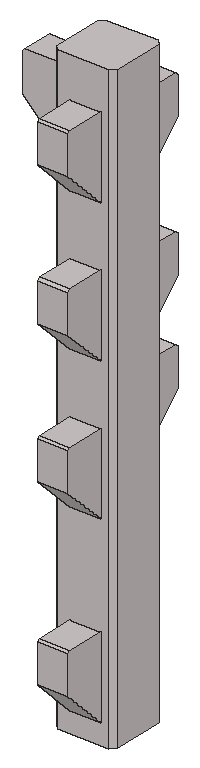
Revit family "rstadvancedsamplefamily", category Structural Columns, Revit 2025
Family settings
  Display in Hidden Views = Edges Hidden by Other Members
  Section Shape = Not Defined
  Material for Model Behavior = Precast Concrete
  Always export as geometry = No
  Beam cutback in plan = From bounding box
  OmniClass Number = 23.25.30.11.14.11
  OmniClass Title = Columns
  Seek Item ID = Precast-Rectangular Column with Multi Layer Corbels-0000-CAN-ENU
  Cut with Voids When Loaded = No
  Symbolic Representation = From Family
  Shared = No
  Show family pre-cut in plan views = No
Parameters (values of type "300x300-4 Levels")
  West Corbels Number 1 = if(West Corbels Number > 4, 4, West Corbels Number)  # 1
  Tie Rod Weight [instance] = 30
  Tie Rod W [instance] = (Tie Rod Weight) * 9.80 kN / 1000  # 0.294 kN
  Structural Material [instance] = Concrete - Precast Concrete - 35 MPa
  South Corbels Number 1 = if(South Corbels Number > 4, 4, South Corbels Number)  # 4
  South Corbels Number = 4
  South Corbel Type = Sloped Corbel : Sloped Corbel
  Single Rebar Weight [instance] = 50
  Single Rebar W [instance] = (Single Rebar Weight * 9.80 kN) / 1000  # 0.49 kN
  Rebar Grids Weight [instance] = 100
  Rebar Grids W [instance] = (Rebar Grids Weight * 9.80 kN) / 1000  # 0.98 kN
  North Corbels Number 1 = if(North Corbels Number > 4, 4, North Corbels Number)  # 3
  North Corbels Number = 3
  North Corbel Type = Sloped Corbel : Sloped Corbel
  East Corbels Number 1 = if(East Corbels Number > 4, 4, East Corbels Number)  # 0
  East Corbels Number = 0
  East Corbel Type = Sloped Corbel : Sloped Corbel
  Corbel Width = ""
  Corbel Width West = 150 mm
  Corbel Width South = 150 mm
  Corbel Width North = 150 mm
  Corbel Width East = 150 mm
  Corbel West 4 = and(West Corbels Number 1 = 4, not(West Corbels Number 1 = 0))  # no
  Corbel West 3 = and(or((West Corbels Number 1 = 3), (West Corbels Number 1 > 3)), not(West Corbels Number 1 = 0))  # no
  Corbel West 2 = and(or((West Corbels Number 1 = 2), (West Corbels Number 1 > 2)), not(West Corbels Number 1 = 0))  # no
  Corbel West 1 = and(or((West Corbels Number 1 = 1), (West Corbels Number 1 > 1)), not(West Corbels Number 1 = 0))  # yes
  West Corbels Number = 1
  West Corbel Type = Sloped Corbel : Sloped Corbel
  Corbel South 4 = and(South Corbels Number 1 = 4, not(South Corbels Number 1 = 0))  # yes
  Corbel South 3 = and(or((South Corbels Number 1 = 3), (South Corbels Number 1 > 3)), not(South Corbels Number 1 = 0))  # yes
  Corbel South 2 = and(or((South Corbels Number 1 = 2), (South Corbels Number 1 > 2)), not(South Corbels Number 1 = 0))  # yes
  Corbel South 1 = and(or((South Corbels Number 1 = 1), (South Corbels Number 1 > 1)), not(South Corbels Number 1 = 0))  # yes
  Corbel North 4 = and(North Corbels Number 1 = 4, not(North Corbels Number 1 = 0))  # no
  Corbel North 3 = and(or((North Corbels Number 1 = 3), (North Corbels Number 1 > 3)), not(North Corbels Number 1 = 0))  # yes
  Corbel North 2 = and(or((North Corbels Number 1 = 2), (North Corbels Number 1 > 2)), not(North Corbels Number 1 = 0))  # yes
  Corbel North 1 = and(or((North Corbels Number 1 = 1), (North Corbels Number 1 > 1)), not(North Corbels Number 1 = 0))  # yes
  Corbel Height = ""
  Corbel Height West = 400 mm
  Corbel Height South = 400 mm
  Corbel Height North = 400 mm
  Corbel Height East = 400 mm
  Corbel East 4 = and(East Corbels Number 1 = 4, not(East Corbels Number 1 = 0))  # no
  Corbel East 3 = and(or((East Corbels Number 1 = 3), (East Corbels Number 1 > 3)), not(East Corbels Number 1 = 0))  # no
  Corbel East 2 = and(or((East Corbels Number 1 = 2), (East Corbels Number 1 > 2)), not(East Corbels Number 1 = 0))  # no
  Corbel East 1 = and(or((East Corbels Number 1 = 1), (East Corbels Number 1 > 1)), not(East Corbels Number 1 = 0))  # no
  Corbel Distance from Top Level [instance] = ""
  Corbel Distance West 1 [instance] = 100 mm
  Corbel Distance West 2 [instance] = 700 mm
  Corbel Distance West 3 [instance] = 1300 mm
  Corbel Distance West 4 [instance] = 2100 mm
  Corbel Distance East 1 [instance] = 350 mm
  Corbel Distance East 2 [instance] = 950 mm
  Corbel Distance East 3 [instance] = 1750 mm
  Corbel Distance East 4 [instance] = 2450 mm
  Corbel Distance South 1 [instance] = 200 mm
  Corbel Distance South 2 [instance] = 900 mm
  Corbel Distance South 3 [instance] = 1600 mm
  Corbel Distance South 4 [instance] = 2500 mm
  Corbel Distance North 1 [instance] = 250 mm
  Corbel Distance North 2 [instance] = 950 mm
  Corbel Distance North 3 [instance] = 1450 mm
  Corbel Distance North 4 [instance] = 2350 mm
  Corbel Depth = ""
  Corbel Depth West = 200 mm
  Corbel Depth South = 200 mm
  Corbel Depth North = 200 mm
  Corbel Depth East = 200 mm
  Corbel Horizontal Offset [instance] = ""
  Corbel Offset West [instance] = 60 mm
  Corbel Offset South [instance] = 60 mm
  Corbel Offset North [instance] = 60 mm
  Corbel Offset East [instance] = 60 mm
  Corbel Chamfer [instance] = 10 mm
  Assembly Code = "B10"
  Chamfer = 25 mm
  b = 300 mm
  h = 300 mm
Types (9, lengths in mm): name | West Corbels Number 1 | South Corbels Number 1 | South Corbels Number | South Corbel Type | North Corbels Number 1 | North Corbels Number | North Corbel Type | East Corbels Number 1 | East Corbels Number | East Corbel Type | Corbel West 4 | Corbel West 3 | Corbel West 2 | Corbel West 1 | West Corbels Number | West Corbel Type | Corbel South 4 | Corbel South 3 | Corbel South 2 | Corbel South 1 | Corbel North 3 | Corbel North 2 | Corbel East 2 | Corbel East 1 | Assembly Code | b | h
  (no name) | 1 | 4 | 4 | Sloped Corbel : Sloped Corbel | 3 | 3 | Sloped Corbel : Sloped Corbel | 0 | 0 | Sloped Corbel : Sloped Corbel | no | no | no | yes | 1 | Sloped Corbel : Sloped Corbel | yes | yes | yes | yes | yes | yes | no | no | "B10" | 300 | 300
  300x300-2 Levels | 0 | 2 | 2 | Rectangular Corbel : Rectangular Corbel | 1 | 1 | Sloped Corbel : Sloped Corbel | 2 | 2 | Rectangular Corbel : Rectangular Corbel | no | no | no | no | 0 | Rectangular Corbel : Rectangular Corbel | no | no | yes | yes | no | no | yes | yes | 0 | 300 | 300
  450x450-2 Levels | 2 | 0 | 0 | Rectangular Corbel : Rectangular Corbel | 2 | 2 | Rectangular Corbel : Rectangular Corbel | 0 | 0 | Sloped Corbel : Sloped Corbel | no | no | yes | yes | 2 | Sloped Corbel : Sloped Corbel | no | no | no | no | no | yes | no | no | "B10" | 450 | 450
  300x300-4 Levels | 1 | 4 | 4 | Sloped Corbel : Sloped Corbel | 3 | 3 | Sloped Corbel : Sloped Corbel | 0 | 0 | Sloped Corbel : Sloped Corbel | no | no | no | yes | 1 | Sloped Corbel : Sloped Corbel | yes | yes | yes | yes | yes | yes | no | no | "B10" | 300 | 300
  300x300-3 Levels | 3 | 0 | 0 | Rectangular Corbel : Rectangular Corbel | 2 | 2 | Sloped Corbel : Sloped Corbel | 0 | 0 | Sloped Corbel : Sloped Corbel | no | yes | yes | yes | 3 | Rectangular Corbel : Rectangular Corbel | no | no | no | no | no | yes | no | no | "B10" | 300 | 300
  450x450-4 Levels | 4 | 0 | 0 | Rectangular Corbel : Rectangular Corbel | 1 | 1 | Rectangular Corbel : Rectangular Corbel | 2 | 2 | Sloped Corbel : Sloped Corbel | yes | yes | yes | yes | 4 | Sloped Corbel : Sloped Corbel | no | no | no | no | no | no | yes | yes | "B10" | 450 | 450
  450x450-3 Levels | 0 | 3 | 3 | Rectangular Corbel : Rectangular Corbel | 1 | 1 | Sloped Corbel : Sloped Corbel | 2 | 2 | Sloped Corbel : Sloped Corbel | no | no | no | no | 0 | Rectangular Corbel : Rectangular Corbel | no | yes | yes | yes | no | no | yes | yes | "B10" | 450 | 450
  300x300-1 Level | 0 | 1 | 1 | Sloped Corbel : Sloped Corbel | 1 | 1 | Sloped Corbel : Sloped Corbel | 1 | 1 | Sloped Corbel : Sloped Corbel | no | no | no | no | 0 | Rectangular Corbel : Rectangular Corbel | no | no | no | yes | no | no | no | yes | "B10" | 300 | 300
  450x450-1 Level | 1 | 0 | 0 | Rectangular Corbel : Rectangular Corbel | 1 | 1 | Rectangular Corbel : Rectangular Corbel | 1 | 1 | Sloped Corbel : Sloped Corbel | no | no | no | yes | 1 | Sloped Corbel : Sloped Corbel | no | no | no | no | no | no | no | yes | "B10" | 450 | 450
Reference planes
  plane 1 "Center (Front/Back)": y = 0
  plane 2: z = 0
  plane 3 "Center (Left/Right)": x = 0
  plane 4: x = -150
  plane 5: x = 150
  plane 6: y = 150
  plane 7: y = -150
  plane 8: x = -125
  plane 9: y = -125
  plane 10: x = 125
  plane 11: y = 125
  plane 12 "fill ref  west": z = 2900
  plane 13 "fill ref  north": z = 2750
  plane 14 "fill ref  south": z = 2800
  plane 15 "fill ref  east": z = 2650
  plane 16 "West 1": z = 2300
  plane 17 "East 1": z = 2050
  plane 18 "South 1": z = 2100
  plane 19 "North 1": z = 2050
  plane 20 "West 2": z = 1700
  plane 21 "East 2": z = 1250
  plane 22 "South 2": z = 1400
  plane 23 "North 2": z = 1550
  plane 24 "West 3": z = 900
  plane 25 "East 3": z = 550
  plane 26 "South 3": z = 500
  plane 27 "North 3": z = 650
  plane 28: y = 65
  plane 29: x = 65
  plane 30: y = -65
  plane 31: x = -65
  plane 32: x = -125
  plane 33: y = -125
  plane 34: x = 125
  plane 35: y = 125
Forms (mm)
  Extrusion 1, solid, material "Concrete - Precast Concrete - 35 MPa" <- "Structural Material"
    sketch origin (0, 0, 0) x (1, 0, 0) y (0, 1, 0)
      loop
        line (-125, 150) -> (-150, 125) -> (-150, -125) -> (-125, -150) -> (125, -150) -> (150, -125) -> (150, 125) -> (125, 150) -> (-125, 150)
    from 0 to 3000
Dimensions and locks
  equal spacing: plane 4, plane 3 "Center (Left/Right)", plane 5
  equal spacing: plane 7, plane 1 "Center (Front/Back)", plane 6
  "h": plane 7 to plane 6
  "b": plane 4 to plane 5
  "Chamfer": plane 4 to plane 8
  "Chamfer": plane 10 to plane 5
  "Chamfer": plane 11 to plane 6
  "Chamfer": plane 7 to plane 9
  "Corbel Offset West": plane 11 to plane 28
  "Corbel Offset South": plane 8 to plane 31
  "Corbel Offset East": plane 30 to plane 9
  "Corbel Offset North": plane 29 to plane 10
  "Corbel Distance West 1": level to plane 12 "fill ref  west"
  "Corbel Distance West 2": level to plane 16 "West 1"
  "Corbel Distance West 3": level to plane 20 "West 2"
  "Corbel Distance West 4": level to plane 24 "West 3"
  "Corbel Distance East 1": level to plane 15 "fill ref  east"
  "Corbel Distance East 2": level to plane 17 "East 1"
  "Corbel Distance East 3": level to plane 21 "East 2"
  "Corbel Distance East 4": level to plane 25 "East 3"
  "Corbel Distance South 1": level to plane 14 "fill ref  south"
  "Corbel Distance South 2": level to plane 18 "South 1"
  "Corbel Distance South 3": level to plane 22 "South 2"
  "Corbel Distance South 4": level to plane 26 "South 3"
  "Corbel Distance North 1": level to plane 13 "fill ref  north"
  "Corbel Distance North 2": level to plane 19 "North 1"
  "Corbel Distance North 3": level to plane 23 "North 2"
  "Corbel Distance North 4": level to plane 27 "North 3"
  aligned and locked: plane 6 to Extrusion 1 sketch curve
  aligned and locked: Extrusion 1 sketch curve to plane 7
  aligned and locked: Extrusion 1 sketch curve to plane 4
  aligned and locked: plane 5 to Extrusion 1 sketch curve
  aligned and locked: level to Extrusion 1
  aligned and locked: level to plane 2
  aligned and locked: Extrusion 1 to plane 2
  aligned and locked: nested 1 to plane 15 "fill ref  east"
  aligned and locked: nested 4 to plane 12 "fill ref  west"
  aligned and locked: nested 2 to plane 13 "fill ref  north"
  aligned and locked: nested 3 to plane 14 "fill ref  south"
  aligned and locked: nested 5 to plane 17 "East 1"
  aligned and locked: nested 6 to plane 21 "East 2"
  aligned and locked: nested 7 to plane 25 "East 3"
  aligned and locked: nested 8 to plane 16 "West 1"
  aligned and locked: nested 9 to plane 20 "West 2"
  aligned and locked: nested 10 to plane 24 "West 3"
  aligned and locked: nested 13 to plane 27 "North 3"
  aligned and locked: nested 12 to plane 23 "North 2"
  aligned and locked: nested 11 to plane 19 "North 1"
  aligned and locked: nested 16 to plane 26 "South 3"
  aligned and locked: nested 15 to plane 22 "South 2"
  aligned and locked: nested 14 to plane 18 "South 1"
  aligned and locked: plane 28 to nested 4
  aligned and locked: plane 28 to nested 8
  aligned and locked: plane 28 to nested 9
  aligned and locked: plane 28 to nested 10
  aligned and locked: plane 31 to nested 3
  aligned and locked: plane 31 to nested 14
  aligned and locked: plane 31 to nested 15
  aligned and locked: plane 31 to nested 16
  aligned and locked: plane 30 to nested 1
  aligned and locked: plane 30 to nested 5
  aligned and locked: plane 30 to nested 6
  aligned and locked: plane 30 to nested 7
  aligned and locked: nested 2 to plane 29
  aligned and locked: nested 11 to plane 29
  aligned and locked: nested 12 to plane 29
  aligned and locked: nested 13 to plane 29
  aligned and locked: plane 8 to plane 32
  aligned and locked: plane 33 to plane 9
  aligned and locked: plane 10 to plane 34
  aligned and locked: plane 35 to plane 11
Automatic sketch dimensions
  Extrusion 1 sketch curve to plane 8 = 0 mm  (x2)
  Extrusion 1 sketch curve to plane 10 = 0 mm  (x2)
  Extrusion 1 sketch curve to plane 9 = 0 mm  (x2)
  Extrusion 1 sketch curve to plane 11 = 0 mm  (x2)
Nested families
  nested 1: "Sloped Corbel" at (150, 10, 2650) x (0, 1, 0) z (1, 0, 0), Corbel Width <- "Corbel Width East", visible <- "Corbel East 1", type <- "East Corbel Type", Corbel Height <- "Corbel Height East", Corbel Depth <- "Corbel Depth East", type "Sloped Corbel"
    with TransChamfer 10 mm, Corbel Width 150 mm, Corbel Height 400 mm, Corbel Front 200 mm, Corbel Depth 200 mm
  nested 2: "Sloped Corbel" at (-10, 150, 2750) x (-1, 0, 0) z (0, 1, 0), Corbel Width <- "Corbel Width North", visible <- "Corbel North 1", type <- "North Corbel Type", Corbel Height <- "Corbel Height North", Corbel Depth <- "Corbel Depth North", type "Sloped Corbel"
    with TransChamfer 10 mm, Corbel Width 150 mm, Corbel Height 400 mm, Corbel Front 200 mm, Corbel Depth 200 mm
  nested 3: "Sloped Corbel" at (10, -150, 2800) x (1, 0, 0) z (0, -1, 0), Corbel Width <- "Corbel Width South", visible <- "Corbel South 1", type <- "South Corbel Type", Corbel Height <- "Corbel Height South", Corbel Depth <- "Corbel Depth South", type "Sloped Corbel"
    with TransChamfer 10 mm, Corbel Width 150 mm, Corbel Height 400 mm, Corbel Front 200 mm, Corbel Depth 200 mm
  nested 4: "Sloped Corbel" at (-150, -10, 2900) x (0, -1, 0) z (-1, 0, 0), Corbel Width <- "Corbel Width West", visible <- "Corbel West 1", type <- "West Corbel Type", Corbel Height <- "Corbel Height West", Corbel Depth <- "Corbel Depth West", type "Sloped Corbel"
    with TransChamfer 10 mm, Corbel Width 150 mm, Corbel Height 400 mm, Corbel Front 200 mm, Corbel Depth 200 mm
  nested 5: "Sloped Corbel" at (150, 10, 2050) x (0, 1, 0) z (1, 0, 0), Corbel Width <- "Corbel Width East", visible <- "Corbel East 2", type <- "East Corbel Type", Corbel Height <- "Corbel Height East", Corbel Depth <- "Corbel Depth East", type "Sloped Corbel"
    with TransChamfer 10 mm, Corbel Width 150 mm, Corbel Height 400 mm, Corbel Front 200 mm, Corbel Depth 200 mm
  nested 6: "Sloped Corbel" at (150, 10, 1250) x (0, 1, 0) z (1, 0, 0), Corbel Width <- "Corbel Width East", visible <- "Corbel East 3", type <- "East Corbel Type", Corbel Height <- "Corbel Height East", Corbel Depth <- "Corbel Depth East", type "Sloped Corbel"
    with TransChamfer 10 mm, Corbel Width 150 mm, Corbel Height 400 mm, Corbel Front 200 mm, Corbel Depth 200 mm
  nested 7: "Sloped Corbel" at (150, 10, 550) x (0, 1, 0) z (1, 0, 0), Corbel Width <- "Corbel Width East", visible <- "Corbel East 4", type <- "East Corbel Type", Corbel Height <- "Corbel Height East", Corbel Depth <- "Corbel Depth East", type "Sloped Corbel"
    with TransChamfer 10 mm, Corbel Width 150 mm, Corbel Height 400 mm, Corbel Front 200 mm, Corbel Depth 200 mm
  nested 8: "Sloped Corbel" at (-150, -10, 2300) x (0, -1, 0) z (-1, 0, 0), Corbel Width <- "Corbel Width West", visible <- "Corbel West 2", type <- "West Corbel Type", Corbel Height <- "Corbel Height West", Corbel Depth <- "Corbel Depth West", type "Sloped Corbel"
    with TransChamfer 10 mm, Corbel Width 150 mm, Corbel Height 400 mm, Corbel Front 200 mm, Corbel Depth 200 mm
  nested 9: "Sloped Corbel" at (-150, -10, 1700) x (0, -1, 0) z (-1, 0, 0), Corbel Width <- "Corbel Width West", visible <- "Corbel West 3", type <- "West Corbel Type", Corbel Height <- "Corbel Height West", Corbel Depth <- "Corbel Depth West", type "Sloped Corbel"
    with TransChamfer 10 mm, Corbel Width 150 mm, Corbel Height 400 mm, Corbel Front 200 mm, Corbel Depth 200 mm
  nested 10: "Sloped Corbel" at (-150, -10, 900) x (0, -1, 0) z (-1, 0, 0), Corbel Width <- "Corbel Width West", visible <- "Corbel West 4", type <- "West Corbel Type", Corbel Height <- "Corbel Height West", Corbel Depth <- "Corbel Depth West", type "Sloped Corbel"
    with TransChamfer 10 mm, Corbel Width 150 mm, Corbel Height 400 mm, Corbel Front 200 mm, Corbel Depth 200 mm
  nested 11: "Sloped Corbel" at (-10, 150, 2050) x (-1, 0, 0) z (0, 1, 0), Corbel Width <- "Corbel Width North", visible <- "Corbel North 2", type <- "North Corbel Type", Corbel Height <- "Corbel Height North", Corbel Depth <- "Corbel Depth North", type "Sloped Corbel"
    with TransChamfer 10 mm, Corbel Width 150 mm, Corbel Height 400 mm, Corbel Front 200 mm, Corbel Depth 200 mm
  nested 12: "Sloped Corbel" at (-10, 150, 1550) x (-1, 0, 0) z (0, 1, 0), Corbel Width <- "Corbel Width North", visible <- "Corbel North 3", type <- "North Corbel Type", Corbel Height <- "Corbel Height North", Corbel Depth <- "Corbel Depth North", type "Sloped Corbel"
    with TransChamfer 10 mm, Corbel Width 150 mm, Corbel Height 400 mm, Corbel Front 200 mm, Corbel Depth 200 mm
  nested 13: "Sloped Corbel" at (-10, 150, 650) x (-1, 0, 0) z (0, 1, 0), Corbel Width <- "Corbel Width North", visible <- "Corbel North 4", type <- "North Corbel Type", Corbel Height <- "Corbel Height North", Corbel Depth <- "Corbel Depth North", type "Sloped Corbel"
    with TransChamfer 10 mm, Corbel Width 150 mm, Corbel Height 400 mm, Corbel Front 200 mm, Corbel Depth 200 mm
  nested 14: "Sloped Corbel" at (10, -150, 2100) x (1, 0, 0) z (0, -1, 0), Corbel Width <- "Corbel Width South", visible <- "Corbel South 2", type <- "South Corbel Type", Corbel Height <- "Corbel Height South", Corbel Depth <- "Corbel Depth South", type "Sloped Corbel"
    with TransChamfer 10 mm, Corbel Width 150 mm, Corbel Height 400 mm, Corbel Front 200 mm, Corbel Depth 200 mm
  nested 15: "Sloped Corbel" at (10, -150, 1400) x (1, 0, 0) z (0, -1, 0), Corbel Width <- "Corbel Width South", visible <- "Corbel South 3", type <- "South Corbel Type", Corbel Height <- "Corbel Height South", Corbel Depth <- "Corbel Depth South", type "Sloped Corbel"
    with TransChamfer 10 mm, Corbel Width 150 mm, Corbel Height 400 mm, Corbel Front 200 mm, Corbel Depth 200 mm
  nested 16: "Sloped Corbel" at (10, -150, 500) x (1, 0, 0) z (0, -1, 0), Corbel Width <- "Corbel Width South", visible <- "Corbel South 4", type <- "South Corbel Type", Corbel Height <- "Corbel Height South", Corbel Depth <- "Corbel Depth South", type "Sloped Corbel"
    with TransChamfer 10 mm, Corbel Width 150 mm, Corbel Height 400 mm, Corbel Front 200 mm, Corbel Depth 200 mm
Definition of nested family "Sloped Corbel"
  Parameters
    TransChamfer [instance] = if(Chamfer = 0 mm, Corbel Depth / 2, Chamfer)  # 10 mm
    Material = none
    Default Elevation = 0 mm
    Corbel Width [instance] = 304.8 mm
    Corbel Height [instance] = 700 mm
    Corbel Front [instance] = Corbel Height - Corbel Depth  # 300 mm
    Corbel Depth [instance] = 400 mm
    Chamfer = 10 mm
    Assembly Code = ""
  Reference planes
    plane 1 "Center (Front/Back)": y = 0
    plane 2: z = 0
    plane 3 "Center (Left/Right)": x = 0
    plane 4: y = -700
    plane 5: y = -10
    plane 6: z = 400
    plane 7: z = 390
    plane 8 "Left": x = -152.4
    plane 9 "Right": x = 152.4
    plane 10: y = -300
  Forms (mm)
    Extrusion 1, solid
      sketch origin (0, 0, 0) x (1, 0, 0) y (0, 1, 0)
        loop
          line (-844.162, 1219.2) -> (-844.162, -1219.2) -> (762, -1219.2) -> (762, 1219.2) -> (-844.162, 1219.2)
      from 0 to -304.8
    Sweep 2, solid, material <- "Material"
      path origin (0, 0, 0) x (1, 0, 0) y (0, 1, 0)
        loop
          line (-152.4, 0) -> (152.4, 0)
      profile origin (0, 0, 0) x (0, 1, 0) y (0, 0, 1)
        loop
          line (0, 0) -> (0, 390) -> (-10, 400) -> (-300, 400) -> (-700, 0) -> (0, 0)
  Dimensions and locks
    "Corbel Depth": plane 6 to plane 2
    "TransChamfer": plane 6 to plane 7
    "Corbel Height": plane 4 to plane 1 "Center (Front/Back)"
    "Chamfer": plane 5 to plane 1 "Center (Front/Back)"
    "Corbel Width": plane 8 "Left" to plane 9 "Right"
    equal spacing: plane 8 "Left", plane 3 "Center (Left/Right)", plane 9 "Right"
    "Corbel Front": plane 10 to plane 1 "Center (Front/Back)"
    aligned and locked: plane 2 to Extrusion 1
    aligned and locked: level to Extrusion 1
    aligned and locked: plane 1 "Center (Front/Back)" to Sweep 2 sketch curve  (x2)
    aligned and locked: plane 2 to Sweep 2 sketch curve
    aligned and locked: plane 7 to Sweep 2 sketch curve
    aligned and locked: plane 8 "Left" to Sweep 2 sketch curve
    aligned and locked: plane 9 "Right" to Sweep 2 sketch curve
    aligned and locked: plane 4 to Sweep 2 sketch curve
    aligned and locked: Sweep 2 sketch curve to plane 6
    aligned and locked: plane 5 to Sweep 2 sketch curve
    aligned and locked: plane 10 to Sweep 2 sketch curve
  Automatic sketch dimensions
    Extrusion 1 sketch curve to Extrusion 1 sketch curve = 1606.162 mm
    Extrusion 1 sketch curve to Extrusion 1 sketch curve = 2438.4 mm
